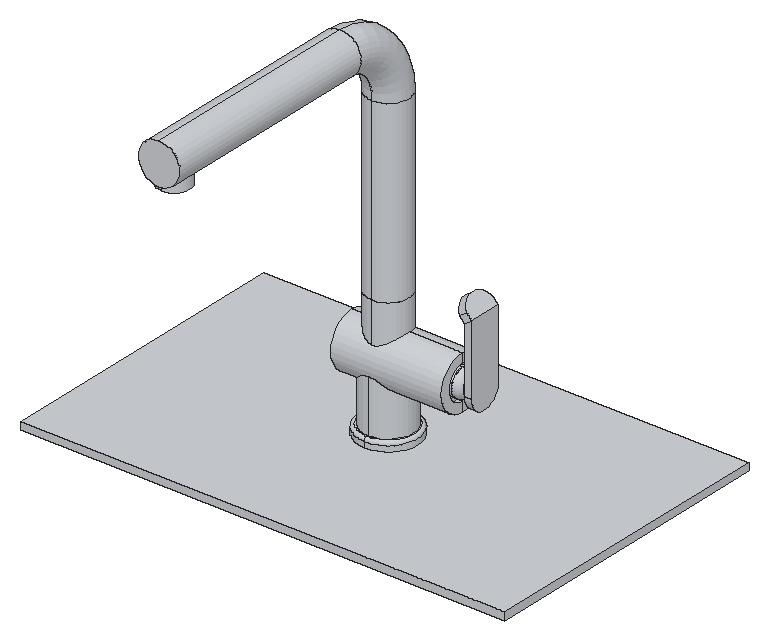
Revit family "01-4107-11 MONOMANDO LAVAPLATOS GARDA", category Aparatos sanitarios, Revit 2018
Family settings
  Anfitrión = Cara
  Cota de conector redondo = Diámetro de uso
  Tipo de pieza = Normal
  Número OmniClass = 23.31.11.00
  Corte con vacíos al cargar = No
  Compartido = No
  Punto de cálculo de habitación = No
Parameters (values of type "01-4107-11")
  Waste Water Outlet = ""
  Profundidad manija = 110.00 mm
  Metal Zamak Cromado = Metal Zamak Cromado
  Metal Laton Cromado = Metal Laton Cromado
  Link Ficha Tecnica = ""
  Conexión de residuos = 1 = 0  # no
  Conexión de ventilación = 1 = 0  # no
  URL = "https://www.gricol.com/"
  Imagen de tipo = MONOMANDO LAVAPLATOS GARDA.PNG
  Product Name = "MONOMANDO LAVAPLATOS GARDA"  # constant formula
  Modelo = "01-4107-11"  # constant formula
  Fabricante = "Gricol"  # constant formula
  Conexión AC = 1 = 1  # yes
  Descripción = "Monomando"  # constant formula
  Default Elevation = 0.00 mm
  Date Modified = ""
  Date Created = "05/28/2020"  # constant formula
  Copyright = "All rights reserved © Gricol - 2020."  # constant formula
  CW Connection = 1 = 1  # yes
  Assembly Code = ""
  Ancho - aireador = 222.40 mm
  Alto - aireador = 305.00 mm
  Alto  manija = 92.60 mm
Reference planes
  plane 1 "Center (Front/Back)": y = -13.681
  plane 2: z = 0
  plane 3 "Center (Left/Right)": x = 0
  plane 4: z = 305
  plane 5: y = -236.081
  plane 6: x = 79.912
  plane 7: x = -30.088
  plane 8: z = 130.198
  plane 9: z = 37.598
Forms (mm)
  Extrusion 1, solid
    sketch origin (-53.3, 1.055, 0) x (1, 0, 0) y (0, 1, 0)
      loop
        line (-142.656, 100.831) -> (-142.656, -151.722) -> (259.723, -151.722) -> (259.723, 100.831) -> (-142.656, 100.831)
    from 0 to -6.437
  Extrusion 2, solid
    sketch origin (2.5, 0, 0) x (1, 0, 0) y (0, 1, 0)
      loop
        circle (-2.5, -13.681) r 6.35
    from 0 to -5
Dimensions and locks
  "Alto - aireador": plane 4 to level
  "Ancho - aireador": plane 1 "Center (Front/Back)" to plane 5
  "Profundidad manija": plane 6 to plane 7
  "Alto  manija": plane 8 to plane 9
  aligned and locked: plane 2 to Extrusion 1
  aligned and locked: level to Extrusion 1
Automatic sketch dimensions
  Extrusion 1 sketch curve to Extrusion 1 sketch curve = 402.379 mm
  Extrusion 1 sketch curve to Extrusion 1 sketch curve = 252.553 mm
  plane 1 "Center (Front/Back)" to Extrusion 2 sketch curve = 0.00 mm
  Extrusion 2 sketch curve to plane 3 "Center (Left/Right)" = 0.00 mm
  radius of Extrusion 2 sketch curve = 6.35 mm
Nested families
  nested 1: "MONOMANDO LAVAPLATOS GARDA" at (0, -13.681, 0), type "MONOMANDO LAVAPLATOS GARDA"
Connectors
  piping at (0, -13.681, -5), diameter 12.7
    settings: on Extrusion 2, index 1, connector inside diameter 24", connector length 0.00 mm, flow factor 0, pipe flow 0 GPM, pressure drop 0.00 psi, fitting loss kfactor 0, connector angle 0.00°, fixture units 0, engagement length 0.00 mm, angle of deflection 0.00°, flow configuration 0, flow direction 0, fitting loss method 0, system type 20, joint type 0, gender type 0, connector reference index -1, connector utility 0, adjustable connector no, is connector primary yes, connector description ""
Definition of nested family "MONOMANDO LAVAPLATOS GARDA"
  Parameters (values of type "MONOMANDO LAVAPLATOS GARDA")
    Metal Zamak Cromado = none
    Metal Laton Cromado = none
  Reference planes
    plane 1 "Center (Front/Back)": y = 0
    plane 2: z = 0
    plane 3 "Center (Left/Right)": x = 0
    plane 4 "Manija 1": x = 79.912
    plane 5: x = -136.6
    plane 6: x = -66.6
    plane 7: z = 65
    plane 8: z = 305
    plane 9: z = 198
    plane 10: y = -222.4
    plane 11: x = -30.088
    plane 12: z = 330
    plane 13: z = 130.198
    plane 14: z = 37.598
  Forms (mm)
    Revolve 1, solid, material <- "Metal Laton Cromado"
      sketch origin (0, 0, 46.704) x (0, 1, 0) y (0, 0, 1)
        loop
          line (0, 8.222) -> (-20.614, 8.222) -> (-20.614, -39.35) -> (-22.124, -39.35)
          arc (-22.124, -39.35) -> (-23.956, -40.109) -> (-24.714, -41.94) r 2.59
          line (-24.714, -41.94) -> (-24.714, -46.704) -> (0, -46.704) -> (0, 8.222)
        axis (0, 8.222) -> (0, -46.704)
      angle from 0 to 360
    Sweep 2, solid, material <- "Metal Laton Cromado"
      path origin (0, 0, 64.204) x (0, -1, 0) y (0, 0, -1)
        loop
          line (-0.096, -42.379) -> (-0.096, -190.796)
          arc (-0.096, -190.796) -> (14.549, -226.152) -> (49.904, -240.796) r 50
          line (49.904, -240.796) -> (237.752, -240.796)
      profile origin (0, 0.096, 180.791) x (0, -1, 0) y (1, 0, 0)
        loop
          circle (0, 0) r 17.098
    Revolve 3, solid, material <- "Metal Laton Cromado"
      sketch origin (-73.125, 0, 0) x (1, 0, 0) y (0, 0, 1)
        loop
          line (43.037, 59.667) -> (147.377, 59.667) -> (147.377, 67.251) -> (140.814, 67.251)
          arc (140.814, 67.251) -> (138.207, 69.858) -> (134.646, 70.812) r 7.123
          line (134.646, 70.812) -> (130.364, 70.812) -> (130.364, 73.813) -> (134.677, 73.813) -> (134.677, 81.736) -> (43.037, 81.736) -> (43.037, 59.667)
        axis (43.037, 59.667) -> (147.377, 59.667)
      angle from 0 to 360
    Extrusion 4, solid, material <- "Metal Zamak Cromado"
      sketch origin (0, 0, 0) x (0, 1, 0) y (0, 0, 1)
        loop
          line (-13.724, 118.333) -> (-13.724, 59.117)
          arc (-13.724, 59.117) -> (0, 45.612) -> (13.724, 59.117) r 13.725
          line (13.724, 59.117) -> (13.724, 118.333) -> (-13.724, 118.333)
      from 74.252 to 79.912
    Revolve 5, solid, material <- "Metal Laton Cromado"
      sketch origin (0, 0, 0) x (0, 1, 0) y (0, 0, 1)
        loop
          line (-222.4, 304.125) -> (-222.4, 283.885) -> (-209.275, 283.885) -> (-209.275, 304.125) -> (-222.4, 304.125)
        axis (-222.4, 304.125) -> (-222.4, 283.885)
      angle from 0 to 360
    Extrusion 6, solid, material <- "Metal Zamak Cromado"
      sketch origin (91.915, -0.026, -36.587) x (0, 1, 0) y (-0.629622, 0, 0.776902)
        loop
          line (-13.724, 133.512) -> (-13.724, 127.492) -> (13.724, 127.492) -> (13.724, 133.512)
          arc (13.724, 133.512) -> (0, 143.424) -> (-13.724, 133.512) r 14.457
      from 80.619 to 87.86
    Extrusion 7, void
      sketch origin (-67.338, 0, 59.892) x (0.207912, 0, 0.978148) y (-0.978148, 0, 0.207912)
        loop
          line (88.279, -132.833) -> (90.807, -132.833) -> (90.807, -125.61) -> (80.857, -125.61) -> (80.857, -126.823) -> (88.279, -132.833)
      from -22.247 to 30
    Revolve 8, solid, material <- "Metal Laton Cromado"
      sketch origin (0, 0, 46.704) x (0, 1, 0) y (0, 0, 1)
        loop
          line (0, 59.879) -> (-17.176, 59.879) -> (-17.176, 18.296) -> (0, 18.296) -> (0, 59.879)
        axis (0, 59.879) -> (0, 18.296)
      angle from 0 to 360
  Cuts and joins
    joined: Revolve 1, Revolve 3
    Extrusion 7 cuts Extrusion 4
  Dimensions and locks
    plane 4 "Manija 1" to plane 11 = 110.00 mm
    locked: plane 6 to plane 5 at 70
    plane 7 to level = 65.00 mm
    level to plane 8 = 305.00 mm
    plane 9 to level = 198.00 mm
    plane 10 to plane 1 "Center (Front/Back)" = 222.40 mm
    plane 8 to level = 305.00 mm
    plane 12 to plane 2 = 330.00 mm
    plane 14 to plane 13 = 92.60 mm
    aligned and locked: plane 2 to level
